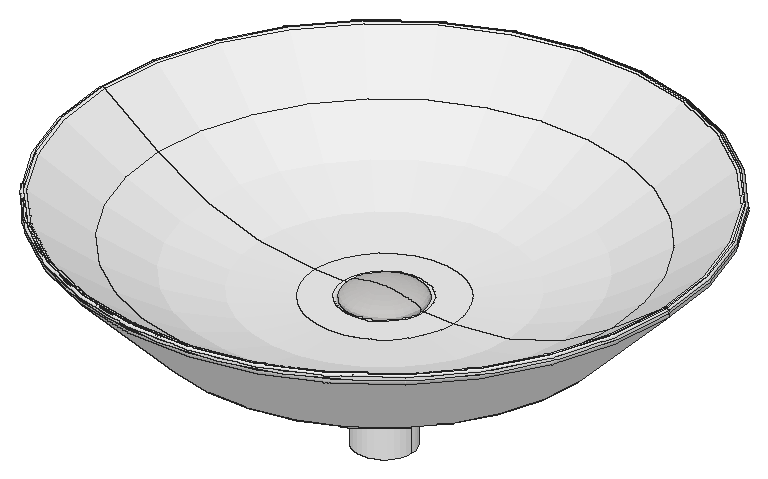
Revit family "IOS SBC-008", category Plumbing Fixtures, Revit 2017
Family settings
  Round Connector Dimension = Use Diameter
  Part Type = Normal
  OmniClass Number = 23.45.00.00
  OmniClass Title = Sanitary, Laundry, and Cleaning Equipment
  Work Plane-Based = No
  Always vertical = Yes
  Cut with Voids When Loaded = No
  Shared = No
  Room Calculation Point = No
Parameters
  Waste Size = 40 mm
  URL = "www.seima.com.au"
  Steel = Steel
  Model = "IOS SBC-008"
  Manufacturer = "SEIMA"
  Basin Material = Vitreous china_White
Reference planes
  plane 1 "Center (Front/Back)": y = 0
  plane 2: z = 0
  plane 3 "Center (Left/Right)": x = 0
  plane 4: z = 75
  plane 5: x = 207.5
  plane 6: z = -85
  plane 7: z = -85
  plane 8: z = 75
  plane 9: x = -137.5
  plane 10: x = 137.5
Forms (mm)
  Revolve 1, solid, material "Vitreous china_White" <- "Basin Material"
    sketch origin (0, 0, 0) x (1, 0, 0) y (0, 0, 1)
      loop
        arc (29.25, 7.602) -> (27.129, 6.724) -> (26.25, 4.602) r 3
        line (26.25, 4.602) -> (26.25, 0) -> (138.512, 0)
        arc (138.512, 0) -> (140.425, 0.381) -> (142.047, 1.464) r 5
        line (142.047, 1.464) -> (206.036, 65.453)
        arc (206.036, 65.453) -> (207.119, 67.075) -> (207.5, 68.988) r 5
        line (207.5, 68.988) -> (207.5, 70.916)
        arc (207.5, 70.916) -> (207.153, 71.753) -> (206.316, 72.1) r 1.184
        line (206.316, 72.1) -> (205.354, 72.1)
        arc (205.354, 72.1) -> (204.437, 71.958) -> (203.607, 71.543) r 3.021
        line (203.607, 71.543) -> (164.886, 44.073)
        arc (164.886, 44.073) -> (110.503, 16.94) -> (50.449, 7.602) r 197.774
        line (50.449, 7.602) -> (29.25, 7.602)
      axis (0, 72.1) -> (0, 0)
    angle from 0 to 360
  Revolve 2, solid, material "Steel" <- "Steel"
    sketch origin (0, 0, -30) x (1, 0, 0) y (0, 0, 1)
      loop
        line (0, 44.341) -> (0, 32.324) -> (20.068, 32.324)
        spline (20.068, 32.324) -> (22.99, 33.449) -> (25.081, 34.705) -> (26.266, 36.047) -> (26.503, 37.426) -> (25.783, 38.792) -> (24.131, 40.097) -> (21.608, 41.292) -> (18.305, 42.335) -> (14.34, 43.188) -> (9.858, 43.821) -> (5.02, 44.21) -> (0, 44.341)
      axis (0, 44.341) -> (0, 32.324)
    angle from 0 to 360
  Revolve 3, solid, material "Vitreous china_White" <- "Basin Material"
    sketch origin (0, 0, 0) x (1, 0, 0) y (0, 0, 1)
      loop
        line (0, 0) -> (0, -1) -> (94.769, -1)
        arc (94.769, -1) -> (95.269, -1.367) -> (95.069, -1.954) r 0.524
        arc (95.069, -1.954) -> (49.816, -24.395) -> (0, -32.75) r 172.311
        line (0, -32.75) -> (0, -40)
        arc (0, -40) -> (56.509, -29.39) -> (106.436, -0.877) r 173.311
        arc (106.436, -0.877) -> (106.589, -0.328) -> (106.123, 0) r 0.494
        line (106.123, 0) -> (0, 0)
      axis (0, 0) -> (0, -40)
    angle from 0 to 360
  Extrusion 4, solid, material "Vitreous china_White"
    sketch origin (0, 0, 0) x (1, 0, 0) y (0, 1, 0)
      loop
        circle (0, 0) r 20
    from -87.9 to -9.174
Dimensions and locks
  plane 4 to level = 75 mm
  plane 5 to plane 3 "Center (Left/Right)" = 207.5 mm
  level to plane 6 = 85 mm
  aligned and locked: level to plane 2
Connectors
  piping at (0, 0, -87.9), diameter 40, driven by "Waste Size"
    settings: on Extrusion 4, index 1, connector inside diameter 609.6 mm, connector length 0 mm, flow factor 0, pipe flow 0.0 L/s, pressure drop 0.0 Pa, fitting loss kfactor 0, connector angle 0.00°, fixture units 0, engagement length 0 mm, angle of deflection 0.00°, flow configuration 0, flow direction 2, fitting loss method 0, system type 16, joint type 0, gender type 0, connector reference index -1, connector utility 0, adjustable connector no, is connector primary yes, connector description ""
